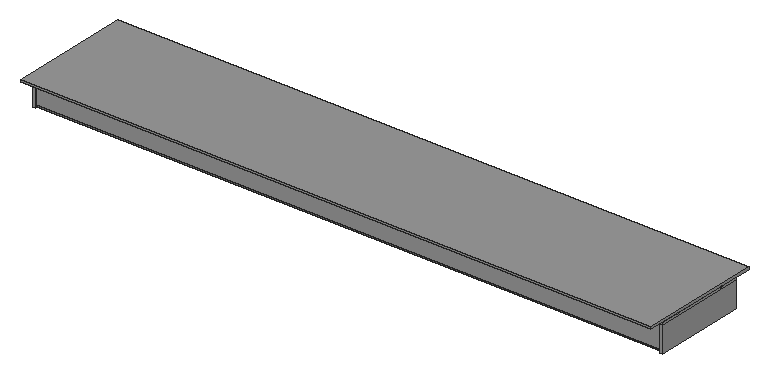
Revit family "Berica 2.2 M", category Lighting Fixtures, Revit 2020 (continued)
Definition of nested family "Light Source Berica 2.2"
  Types (4, lengths in mm): name | Photometric Web File | built-in parameter 1150142
      19 1377.20 1419.06 1460.37 \r\n1498.25 1532.35 1568.44 1600.00 1629.48 1656.89 1682.56 \r\n1704.63 1725.63 1743.63 1758.08 1770.85 1781.22 1787.80 \r\n1792.52 1796.07 1798.62 1798.52 1796.12 \r\n1796.12 1798.30 1798.52 1797.44 1793.59 1789.14 1783.46 \r\n1775.60 1766.19 1752.48 1738.49 1722.19 1702.79 1681.23 \r\n1657.74 1631.53 1604.12 1574.01 1542.22 1509.27 1472.76 \r\n1436.51 1399.06 1356.45 1316.14 1274.62 1233.87 1188.74 \r\n1146.73 1102.93 1065.75 1022.42 983.89 945.14 906.12 \r\n869.02 834.65 800.54 769.95 742.24 713.35 687.32 662.17 \r\n640.49 618.23 598.41 579.15 561.41 545.02 528.31 513.09 \r\n497.69 483.84 469.31 455.73 441.99 429.39 416.25 404.26 \r\n390.90 378.43 366.37 353.49 341.21 329.41 317.65 306.43 \r\n293.58 282.61 270.77 260.06 249.96 240.06 230.89 221.32 \r\n213.16 203.82 196.16 188.34 180.47 173.73 165.85 159.81 \r\n153.48 147.87 142.92 138.45 135.07 131.62 129.70 128.71 \r\n129.70 131.62 135.07 138.45 142.92 147.87 153.48 159.81 \r\n165.85 173.73 180.47 188.34 196.16 203.82 213.16 221.32 \r\n230.89 240.06 249.96 260.06 270.77 282.61 293.58 306.43 \r\n317.65 329.41 341.21 353.49 366.37 378.43 390.90 404.26 \r\n416.25 429.39 441.99 455.73 469.31 483.84 497.69 513.09 \r\n528.31 545.02 561.41 579.15 598.41 618.23 640.49 662.17 \r\n687.32 713.35 742.24 769.95 800.54 834.65 869.02 906.12 \r\n945.14 983.89 1022.42 1065.75 1102.93 1146.73 1188.74 \r\n1233.87 1274.62 1316.14 1356.45 1399.06 1436.51 1472.76 \r\n1509.27 1542.22 1574.01 1604.12 1631.53 1657.74 1681.23 \r\n1702.79 1722.19 1738.49 1752.48 1766.19 1775.60 1783.46 \r\n1789.14 1793.59 1797.44 1798.52 1798.30 1796.12 \r\n1796.12 1797.82 1798.04 1796.44 1794.48 1789.90 1784.20 \r\n1778.01 1770.86 1760.68 1748.66 1735.06 1720.35 1702.42 \r\n1681.78 1659.40 1637.02 1610.20 1583.31 1552.29 1521.85 \r\n1490.60 1454.96 1421.53 1385.22 1346.51 1308.29 1271.37 \r\n1228.29 1188.31 1148.96 1108.98 1070.49 1026.11 988.44 \r\n952.34 912.02 876.83 842.95 807.58 777.79 744.32 717.45 \r\n690.24 663.65 639.46 616.89 594.24 573.10 553.61 534.94 \r\n517.41 498.83 482.33 467.09 451.22 436.68 421.55 406.81 \r\n393.50 379.27 366.41 352.11 339.28 326.72 314.55 300.69 \r\n289.50 276.35 264.57 252.97 240.80 230.27 219.80 209.72 \r\n200.39 191.06 182.51 173.64 165.36 158.07 150.66 143.20 \r\n136.33 130.36 123.78 118.84 114.56 111.82 109.32 108.73 \r\n109.32 111.82 114.56 118.84 123.78 130.36 136.33 143.20 \r\n150.66 158.07 165.36 173.64 182.51 191.06 200.39 209.72 \r\n219.80 230.27 240.80 252.97 264.57 276.35 289.50 300.69 \r\n314.55 326.72 339.28 352.11 366.41 379.27 393.50 406.81 \r\n421.55 436.68 451.22 467.09 482.33 498.83 517.41 534.94 \r\n553.61 573.10 594.24 616.89 639.46 663.65 690.24 717.45 \r\n744.32 777.79 807.58 842.95 876.83 912.02 952.34 988.44 \r\n1026.11 1070.49 1108.98 1148.96 1188.31 1228.29 1271.37 \r\n1308.29 1346.51 1385.22 1421.53 1454.96 1490.60 1521.85 \r\n1552.29 1583.31 1610.20 1637.02 1659.40 1681.78 1702.42 \r\n1720.35 1735.06 1748.66 1760.68 1770.86 1778.01 1784.20 \r\n1789.90 1794.48 1796.44 1798.04 1797.82 1796.12 \r\n1796.12 1798.62 1798.85 1797.24 1795.25 1791.72 1787.34 \r\n1781.46 1774.83 1768.13 1757.90 1747.44 1734.06 1720.60 \r\n1704.07 1685.63 1665.38 1642.78 1619.69 1595.38 1570.18 \r\n1540.69 1513.12 1481.39 1450.01 1416.02 1383.55 1348.69 \r\n1312.03 1273.90 1236.95 1201.54 1157.97 1122.20 1078.86 \r\n1042.71 1001.72 962.84 927.53 889.13 854.41 821.66 786.09 \r\n754.75 725.88 695.36 667.55 641.47 615.57 591.62 568.11 \r\n546.36 524.90 504.17 485.06 467.33 448.95 433.00 415.10 \r\n398.96 383.39 368.58 353.88 338.51 324.82 311.40 297.87 \r\n284.65 270.96 259.39 246.21 234.51 222.94 211.11 200.35 \r\n189.88 179.30 170.00 160.64 151.64 144.00 134.81 127.69 \r\n119.46 112.45 105.83 99.40 95.04 91.26 88.75 87.87 88.75 \r\n91.26 95.04 99.40 105.83 112.45 119.46 127.69 134.81 \r\n144.00 151.64 160.64 170.00 179.30 189.88 200.35 211.11 \r\n222.94 234.51 246.21 259.39 270.96 284.65 297.87 311.40 \r\n324.82 338.51 353.88 368.58 383.39 398.96 415.10 433.00 \r\n448.95 467.33 485.06 504.17 524.90 546.36 568.11 591.62 \r\n615.57 641.47 667.55 695.36 725.88 754.75 786.09 821.66 \r\n854.41 889.13 927.53 962.84 1001.72 1042.71 1078.86 \r\n1122.20 1157.97 1201.54 1236.95 1273.90 1312.03 1348.69 \r\n1383.55 1416.02 1450.01 1481.39 1513.12 1540.69 1570.18 \r\n1595.38 1619.69 1642.78 1665.38 1685.63 1704.07 1720.60 \r\n1734.06 1747.44 1757.90 1768.13 1774.83 1781.46 1787.34 \r\n1791.72 1795.25 1797.24 1798.85 1798.62 1796.12 \r\n1796.12 1797.93 1797.86 1796.23 1794.95 1791.96 1788.10 \r\n1782.79 1777.15 1770.16 1763.72 1754.77 1744.75 1733.45 \r\n1719.02 1704.13 1687.84 1669.18 1650.43 1629.66 1607.20 \r\n1583.93 1560.15 1533.20 1506.98 1477.46 1448.19 1418.56 \r\n1384.89 1353.94 1320.82 1284.88 1249.20 1213.10 1173.74 \r\n1137.39 1099.98 1062.19 1021.14 982.39 945.16 910.18 \r\n871.25 837.49 802.00 767.11 736.07 701.71 674.06 642.82 \r\n616.51 589.06 563.47 538.42 514.60 492.09 470.00 450.85 \r\n428.72 411.11 391.18 374.35 356.26 340.05 323.12 309.47 \r\n293.87 280.35 266.31 253.05 240.23 226.92 215.21 203.63 \r\n191.56 180.08 169.98 159.01 149.45 139.06 130.27 120.96 \r\n112.47 103.95 95.60 87.93 80.62 75.47 70.71 68.31 67.17 \r\n68.31 70.71 75.47 80.62 87.93 95.60 103.95 112.47 120.96 \r\n130.27 139.06 149.45 159.01 169.98 180.08 191.56 203.63 \r\n215.21 226.92 240.23 253.05 266.31 280.35 293.87 309.47 \r\n323.12 340.05 356.26 374.35 391.18 411.11 428.72 450.85 \r\n470.00 492.09 514.60 538.42 563.47 589.06 616.51 642.82 \r\n674.06 701.71 736.07 767.11 802.00 837.49 871.25 910.18 \r\n945.16 982.39 1021.14 1062.19 1099.98 1137.39 1173.74 \r\n1213.10 1249.20 1284.88 1320.82 1353.94 1384.89 1418.56 \r\n1448.19 1477.46 1506.98 1533.20 1560.15 1583.93 1607.20 \r\n1629.66 1650.43 1669.18 1687.84 1704.13 1719.02 1733.45 \r\n1744.75 1754.77 1763.72 1770.16 1777.15 1782.79 1788.10 \r\n1791.96 1794.95 1796.23 1797.86 1797.93 1796.12 \r\n1796.12 1797.86 1798.09 1797.13 1795.43 1793.51 1790.08 \r\n1786.04 1780.39 1774.52 1767.65 1760.40 1751.70 1742.87 \r\n1730.87 1719.07 1705.85 1690.06 1674.81 1656.83 1639.82 \r\n1619.79 1598.88 1577.30 1553.95 1530.06 1504.08 1478.59 \r\n1449.23 1420.38 1391.88 1362.72 1329.45 1295.35 1263.17 \r\n1226.31 1191.33 1154.07 1117.91 1083.73 1041.90 1005.11 \r\n965.95 927.27 891.72 853.35 818.76 781.30 745.46 712.33 \r\n680.15 647.00 616.47 586.71 558.14 530.99 503.89 477.80 \r\n454.53 431.33 408.23 386.41 365.67 347.08 326.66 311.11 \r\n293.10 277.22 261.46 246.67 233.01 219.15 206.39 194.47 \r\n182.36 170.71 159.73 148.59 138.90 128.36 117.96 107.98 \r\n98.58 89.28 80.39 72.01 64.31 57.49 52.32 49.02 48.33 \r\n49.02 52.32 57.49 64.31 72.01 80.39 89.28 98.58 107.98 \r\n117.96 128.36 138.90 148.59 159.73 170.71 182.36 194.47 \r\n206.39 219.15 233.01 246.67 261.46 277.22 293.10 311.11 \r\n326.66 347.08 365.67 386.41 408.23 431.33 454.53 477.80 \r\n503.89 530.99 558.14 586.71 616.47 647.00 680.15 712.33 \r\n745.46 781.30 818.76 853.35 891.72 927.27 965.95 1005.11 \r\n1041.90 1083.73 1117.91 1154.07 1191.33 1226.31 1263.17 \r\n1295.35 1329.45 1362.72 1391.88 1420.38 1449.23 1478.59 \r\n1504.08 1530.06 1553.95 1577.30 1598.88 1619.79 1639.82 \r\n1656.83 1674.81 1690.06 1705.85 1719.07 1730.87 1742.87 \r\n1751.70 1760.40 1767.65 1774.52 1780.39 1786.04 1790.08 \r\n1793.51 1795.43 1797.13 1798.09 1797.86 1796.12 \r\n1796.12 1797.24 1797.34 1795.96 1794.68 1792.33 1789.74 \r\n1785.46 1780.60 1774.92 1770.06 1763.13 1754.45 1745.65 \r\n1736.26 1724.67 1713.00 1700.77 1687.24 1672.53 1657.55 \r\n1640.55 1622.92 1603.77 1585.11 1565.08 1543.53 1519.46 \r\n1496.22 1471.48 1446.51 1419.60 1391.15 1362.67 1331.00 \r\n1298.58 1265.50 1232.22 1198.99 1162.94 1128.70 1089.75 \r\n1050.30 1014.76 974.75 937.11 897.86 862.08 822.82 787.56 \r\n749.74 712.93 675.56 643.14 609.87 576.76 545.04 515.51 \r\n487.81 458.22 433.00 407.03 382.41 359.55 337.71 317.66 \r\n296.69 277.89 259.82 242.60 227.36 211.19 197.11 183.36 \r\n170.82 159.47 147.11 136.06 125.40 114.44 104.39 93.54 \r\n83.96 74.36 65.71 56.45 47.87 40.33 34.63 30.14 29.10 \r\n30.14 34.63 40.33 47.87 56.45 65.71 74.36 83.96 93.54 \r\n104.39 114.44 125.40 136.06 147.11 159.47 170.82 183.36 \r\n197.11 211.19 227.36 242.60 259.82 277.89 296.69 317.66 \r\n337.71 359.55 382.41 407.03 433.00 458.22 487.81 515.51 \r\n545.04 576.76 609.87 643.14 675.56 712.93 749.74 787.56 \r\n822.82 862.08 897.86 937.11 974.75 1014.76 1050.30 \r\n1089.75 1128.70 1162.94 1198.99 1232.22 1265.50 1298.58 \r\n1331.00 1362.67 1391.15 1419.60 1446.51 1471.48 1496.22 \r\n1519.46 1543.53 1565.08 1585.11 1603.77 1622.92 1640.55 \r\n1657.55 1672.53 1687.24 1700.77 1713.00 1724.67 1736.26 \r\n1745.65 1754.45 1763.13 1770.06 1774.92 1780.60 1785.46 \r\n1789.74 1792.33 1794.68 1795.96 1797.34 1797.24 1796.12 \r\n1796.12 1796.17 1796.34 1794.67 1793.18 1791.29 1788.07 \r\n1784.45 1779.97 1774.96 1769.21 1763.34 1755.52 1747.68 \r\n1738.83 1728.06 1717.09 1706.43 1693.53 1679.57 1664.01 \r\n1648.55 1633.34 1615.19 1599.48 1579.93 1561.26 1540.47 \r\n1519.16 1495.50 1474.13 1451.24 1426.25 1401.33 1373.38 \r\n1345.20 1315.68 1284.27 1252.84 1221.20 1186.26 1151.78 \r\n1113.10 1078.90 1039.27 1001.73 960.69 922.42 883.81 \r\n843.19 805.04 766.34 728.36 690.82 650.93 615.72 581.63 \r\n546.90 515.71 483.93 454.38 424.05 398.34 372.41 346.56 \r\n324.49 301.19 279.50 259.16 239.58 222.68 204.19 189.13 \r\n173.81 159.48 146.57 134.07 121.91 110.15 98.91 89.27 \r\n78.69 68.58 59.13 49.57 41.40 32.15 25.05 18.87 14.32 \r\n13.46 14.32 18.87 25.05 32.15 41.40 49.57 59.13 68.58 \r\n78.69 89.27 98.91 110.15 121.91 134.07 146.57 159.48 \r\n173.81 189.13 204.19 222.68 239.58 259.16 279.50 301.19 \r\n324.49 346.56 372.41 398.34 424.05 454.38 483.93 515.71 \r\n546.90 581.63 615.72 650.93 690.82 728.36 766.34 805.04 \r\n843.19 883.81 922.42 960.69 1001.73 1039.27 1078.90 \r\n1113.10 1151.78 1186.26 1221.20 1252.84 1284.27 1315.68 \r\n1345.20 1373.38 1401.33 1426.25 1451.24 1474.13 1495.50 \r\n1519.16 1540.47 1561.26 1579.93 1599.48 1615.19 1633.34 \r\n1648.55 1664.01 1679.57 1693.53 1706.43 1717.09 1728.06 \r\n1738.83 1747.68 1755.52 1763.34 1769.21 1774.96 1779.97 \r\n1784.45 1788.07 1791.29 1793.18 1794.67 1796.34 1796.17 \r\n1796.12 \r\n1796.12 1796.33 1795.80 1794.31 1792.30 1789.58 1786.82 \r\n1783.96 1778.95 1773.09 1767.33 1761.68 1753.82 1746.64 \r\n1736.51 1727.02 1716.51 1704.58 1691.36 1678.24 1664.64 \r\n1649.82 1634.03 1617.30 1601.08 1582.78 1564.94 1544.82 \r\n1524.63 1502.56 1481.29 1457.39 1433.44 1410.79 1384.47 \r\n1357.48 1326.61 1297.17 1267.16 1236.66 1201.68 1167.61 \r\n1132.39 1093.14 1057.15 1017.59 979.44 940.32 899.69 \r\n860.46 818.90 779.36 740.21 698.11 663.50 624.59 587.13 \r\n550.81 517.19 486.02 454.03 423.05 395.85 368.86 340.85 \r\n316.50 292.55 271.53 249.87 230.01 210.17 193.40 177.50 \r\n161.31 146.84 133.87 120.78 108.97 96.70 85.91 75.46 \r\n65.48 55.78 46.56 37.64 29.00 20.85 14.13 8.47 4.56 3.25 \r\n4.56 8.47 14.13 20.85 29.00 37.64 46.56 55.78 65.48 75.46 \r\n85.91 96.70 108.97 120.78 133.87 146.84 161.31 177.50 \r\n193.40 210.17 230.01 249.87 271.53 292.55 316.50 340.85 \r\n368.86 395.85 423.05 454.03 486.02 517.19 550.81 587.13 \r\n624.59 663.50 698.11 740.21 779.36 818.90 860.46 899.69 \r\n940.32 979.44 1017.59 1057.15 1093.14 1132.39 1167.61 \r\n1201.68 1236.66 1267.16 1297.17 1326.61 1357.48 1384.47 \r\n1410.79 1433.44 1457.39 1481.29 1502.56 1524.63 1544.82 \r\n1564.94 1582.78 1601.08 1617.30 1634.03 1649.82 1664.64 \r\n1678.24 1691.36 1704.58 1716.51 1727.02 1736.51 1746.64 \r\n1753.82 1761.68 1767.33 1773.09 1778.95 1783.96 1786.82 \r\n1789.58 1792.30 1794.31 1795.80 1796.33 1796.12 \r\n1796.12 1794.86 1793.29 1790.52 1788.60 1785.60 1780.89 \r\n1776.72 1771.55 1765.90 1759.08 1751.24 1743.20 1734.33 \r\n1724.22 1713.45 1701.59 1689.16 1675.93 1660.99 1645.91 \r\n1629.54 1612.96 1595.57 1578.95 1559.52 1538.56 1518.62 \r\n1497.76 1474.40 1451.86 1428.82 1403.36 1377.53 1350.27 \r\n1321.13 1293.54 1262.09 1230.40 1195.31 1163.50 1128.77 \r\n1091.71 1054.83 1015.43 976.60 938.38 897.52 858.68 \r\n818.03 778.90 739.82 699.61 662.08 623.28 587.16 549.45 \r\n515.88 484.19 451.48 422.12 393.41 364.32 339.38 312.68 \r\n289.42 265.98 246.11 226.22 206.42 188.78 171.23 156.66 \r\n141.12 128.98 116.28 104.07 93.13 82.34 72.98 62.98 54.43 \r\n45.99 37.71 30.09 22.57 16.43 9.93 5.54 2.29 1.69 2.29 \r\n5.54 9.93 16.43 22.57 30.09 37.71 45.99 54.43 62.98 72.98 \r\n82.34 93.13 104.07 116.28 128.98 141.12 156.66 171.23 \r\n188.78 206.42 226.22 246.11 265.98 289.42 312.68 339.38 \r\n364.32 393.41 422.12 451.48 484.19 515.88 549.45 587.16 \r\n623.28 662.08 699.61 739.82 778.90 818.03 858.68 897.52 \r\n938.38 976.60 1015.43 1054.83 1091.71 1128.77 1163.50 \r\n1195.31 1230.40 1262.09 1293.54 1321.13 1350.27 1377.53 \r\n1403.36 1428.82 1451.86 1474.40 1497.76 1518.62 1538.56 \r\n1559.52 1578.95 1595.57 1612.96 1629.54 1645.91 1660.99 \r\n1675.93 1689.16 1701.59 1713.45 1724.22 1734.33 1743.20 \r\n1751.24 1759.08 1765.90 1771.55 1776.72 1780.89 1785.60 \r\n1788.60 1790.52 1793.29 1794.86 1796.12 \r\n1796.12 1794.36 1792.21 1789.10 1784.98 1780.82 1775.30 \r\n1770.38 1763.77 1756.30 1747.99 1738.08 1728.27 1718.19 \r\n1706.00 1693.58 1680.07 1666.34 1650.67 1635.15 1618.13 \r\n1599.47 1582.60 1562.56 1542.48 1520.95 1497.82 1474.72 \r\n1450.99 1425.79 1399.67 1372.14 1343.30 1315.76 1283.63 \r\n1253.17 1218.68 1186.98 1150.37 1116.18 1082.57 1041.94 \r\n1006.29 966.44 928.16 890.03 848.22 811.72 772.53 733.46 \r\n696.66 658.19 623.55 587.81 551.59 521.17 489.94 458.05 \r\n427.92 399.66 372.86 347.24 321.07 299.58 275.82 254.64 \r\n234.48 214.87 196.93 178.85 161.71 145.00 130.46 114.74 \r\n102.21 88.64 76.82 64.97 56.06 48.01 41.15 35.07 28.96 \r\n23.16 17.94 12.79 8.06 4.24 1.96 0.80 0.54 0.80 1.96 4.24 \r\n8.06 12.79 17.94 23.16 28.96 35.07 41.15 48.01 56.06 \r\n64.97 76.82 88.64 102.21 114.74 130.46 145.00 161.71 \r\n178.85 196.93 214.87 234.48 254.64 275.82 299.58 321.07 \r\n347.24 372.86 399.66 427.92 458.05 489.94 521.17 551.59 \r\n587.81 623.55 658.19 696.66 733.46 772.53 811.72 848.22 \r\n890.03 928.16 966.44 1006.29 1041.94 1082.57 1116.18 \r\n1150.37 1186.98 1218.68 1253.17 1283.63 1315.76 1343.30 \r\n1372.14 1399.67 1425.79 1450.99 1474.72 1497.82 1520.95 \r\n1542.48 1562.56 1582.60 1599.47 1618.13 1635.15 1650.67 \r\n1666.34 1680.07 1693.58 1706.00 1718.19 1728.27 1738.08 \r\n1747.99 1756.30 1763.77 1770.38 1775.30 1780.82 1784.98 \r\n1789.10 1792.21 1794.36 1796.12 \r\n1796.12 1793.99 1790.95 1786.70 1781.24 1776.98 1770.43 \r\n1762.79 1754.15 1744.02 1734.19 1722.99 1712.14 1700.83 \r\n1685.16 1671.61 1656.07 1638.55 1620.00 1600.56 1579.52 \r\n1559.53 1536.71 1512.72 1489.77 1462.59 1438.81 1409.46 \r\n1381.50 1351.04 1323.28 1290.42 1260.93 1225.64 1194.21 \r\n1158.91 1122.78 1088.75 1050.80 1012.58 976.01 937.35 \r\n897.19 858.77 818.71 781.59 741.37 707.39 673.77 636.62 \r\n603.53 569.46 538.60 506.25 475.75 445.75 419.62 393.45 \r\n365.69 341.90 317.95 294.55 269.00 245.72 220.51 197.73 \r\n179.07 160.94 141.58 121.72 101.70 84.99 69.10 57.10 \r\n48.08 40.31 34.88 30.05 25.38 21.53 17.99 14.72 11.86 \r\n8.95 6.28 3.82 1.95 0.81 0.40 0.29 0.29 0.29 0.40 0.81 \r\n1.95 3.82 6.28 8.95 11.86 14.72 17.99 21.53 25.38 30.05 \r\n34.88 40.31 48.08 57.10 69.10 84.99 101.70 121.72 141.58 \r\n160.94 179.07 197.73 220.51 245.72 269.00 294.55 317.95 \r\n341.90 365.69 393.45 419.62 445.75 475.75 506.25 538.60 \r\n569.46 603.53 636.62 673.77 707.39 741.37 781.59 818.71 \r\n858.77 897.19 937.35 976.01 1012.58 1050.80 1088.75 \r\n1122.78 1158.91 1194.21 1225.64 1260.93 1290.42 1323.28 \r\n1351.04 1381.50 1409.46 1438.81 1462.59 1489.77 1512.72 \r\n1536.71 1559.53 1579.52 1600.56 1620.00 1638.55 1656.07 \r\n1671.61 1685.16 1700.83 1712.14 1722.99 1734.19 1744.02 \r\n1754.15 1762.79 1770.43 1776.98 1781.24 1786.70 1790.95 \r\n1793.99 1796.12 \r\n1796.12 1792.60 1787.85 1782.90 1777.04 1769.85 1761.80 \r\n1752.84 1742.47 1731.26 1719.81 1706.91 1692.53 1677.48 \r\n1657.68 1640.57 1620.98 1602.15 1578.21 1554.83 1529.79 \r\n1504.73 1479.61 1453.22 1424.40 1395.65 1364.54 1332.04 \r\n1301.11 1266.74 1233.21 1198.18 1162.46 1125.54 1086.02 \r\n1050.30 1013.03 972.37 934.49 895.49 857.36 819.81 780.92 \r\n742.00 706.25 671.28 636.42 603.80 571.14 541.82 509.91 \r\n482.34 453.65 426.38 398.93 369.98 339.94 308.16 277.33 \r\n254.66 233.69 211.07 185.80 160.99 136.88 113.79 94.62 \r\n75.64 62.08 50.99 39.80 32.83 28.31 24.48 20.49 16.80 \r\n13.79 11.80 10.01 8.50 6.83 5.46 4.03 2.91 1.85 1.06 0.54 \r\n0.34 0.25 0.24 0.24 0.24 0.25 0.34 0.54 1.06 1.85 
